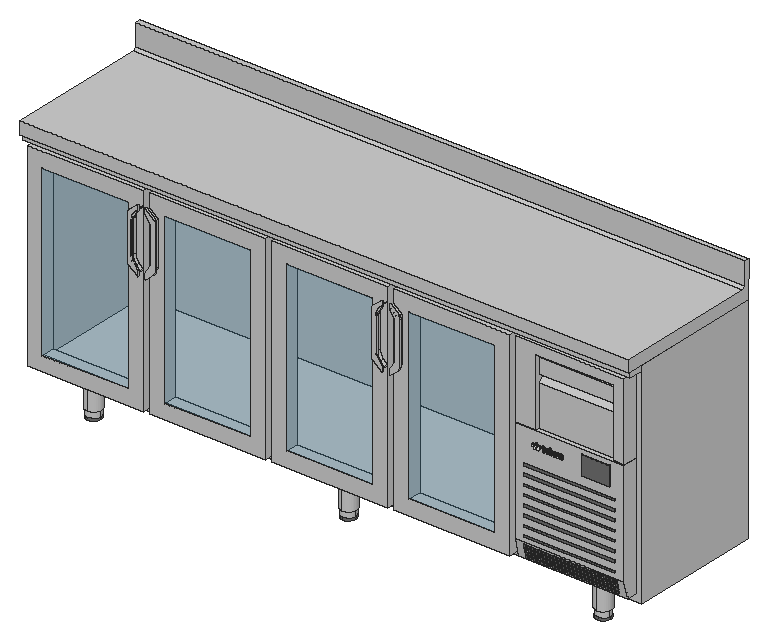
Revit family "QF_INFRICO_FMPP2500CR_250812010115", category Specialty Equipment, Revit 2021 (continued)
Definition of nested family "QF_INFRICO_FMPPCR_DOOR_SX_7315"
  Parameters (values of type "PUE17IIFM")
    Assembly Code = "E1090320"
    Accessory [instance] = yes
  Types (2, lengths in mm): name | Model | Description
    FMPPCR_DOOR_SX | "FMPPCR_DOOR_SX" | "LEFT DOOR"
    PUE17IIFM | "PUE17IIFM" | "GLASS DOORS UNIT - LEFT DOOR"
  Reference planes
    plane 1 "Back": y = 0
    plane 2: z = 0
    plane 3 "Left": x = 0
    plane 4 "Right": x = 467
    plane 5 "Front": y = -54
    plane 6 "Top": z = 797
  Forms (mm)
    Extrusion 1, solid
      sketch origin (981.03, 638.058, 31.708) x (-1, 0, 0) y (0, 0, -1)
        loop
          line (518.816, -723.04) -> (552.274, -694.965)
          arc (552.274, -694.965) -> (556.597, -689.332) -> (558.134, -682.399) r 16.404
          line (558.134, -682.399) -> (558.134, -507.408)
          arc (558.134, -507.408) -> (556.597, -500.476) -> (552.274, -494.842) r 16.404
          line (552.274, -494.842) -> (518.816, -466.767) -> (515.53, -466.767) -> (515.53, -486.767) -> (535.322, -518.029)
          arc (535.322, -518.029) -> (536.599, -520.779) -> (537.13, -523.765) r 11.743
          line (537.13, -523.765) -> (537.13, -666.043)
          arc (537.13, -666.043) -> (536.599, -669.028) -> (535.322, -671.778) r 11.743
          line (535.322, -671.778) -> (515.53, -703.04) -> (515.53, -723.04) -> (518.816, -723.04)
      from 713.68 to 715.78
    Extrusion 2, solid
      sketch origin (-21.902, 638.058, 31.708) x (1, 0, 0) y (0, 0, 1)
        loop
          arc (471.131, 498.425) -> (461.192, 513.299) -> (457.702, 530.845) r 45.85
          line (457.702, 530.845) -> (457.702, 659.546)
          arc (457.702, 659.546) -> (461.192, 677.092) -> (471.131, 691.967) r 45.85
          line (471.131, 691.967) -> (487.402, 708.237) -> (487.402, 711.202) -> (457.988, 686.521)
          arc (457.988, 686.521) -> (456.67, 684.804) -> (456.202, 682.691) r 5
          line (456.202, 682.691) -> (456.202, 507.7)
          arc (456.202, 507.7) -> (456.67, 505.587) -> (457.988, 503.87) r 5
          line (457.988, 503.87) -> (487.402, 479.189) -> (487.402, 482.154) -> (471.131, 498.425)
      from 692.058 to 713.68
    Extrusion 3, solid
      sketch origin (-21.902, 638.058, -168.292) x (0, 1, 0) y (0, 0, 1)
        loop
          line (-692.058, 905.292) -> (-692.058, 228.292) -> (-688.07, 228.292) -> (-688.07, 905.292) -> (-692.058, 905.292)
      from 81.902 to 428.902
    Extrusion 4, solid
      sketch origin (-21.902, 0, -168.292) x (1, 0, 0) y (0, 0, 1)
        loop
          line (21.902, 965.292) -> (21.902, 168.292) -> (488.902, 168.292) -> (488.902, 965.292) -> (21.902, 965.292)
        loop
          line (81.902, 905.292) -> (81.902, 228.292) -> (428.902, 228.292) -> (428.902, 905.292) -> (81.902, 905.292)
      from 0 to 54
    Extrusion 5, solid, visible <- "Show Clearance", detail levels coarse
      sketch origin (0, 0, 0) x (1, 0, 0) y (0, 1, 0)
        loop
          line (0, -54) -> (0, -467) -> (54, -467)
          arc (54, -467) -> (346.035, -346.035) -> (467, -54) r 413
          line (467, -54) -> (0, -54)
      from 0 to 797
  Lines and regions (mm)
    symbolic lines, visible <- "Show Clearance"
      curve 1: line (0, -61.9, 0) -> (0, -467, 0)
      curve 2: line (0, -467, 0) -> (54, -467, 0)
      curve 3: arc (54, -467, 0) -> (343.229, -348.815, 0) -> (466.924, -61.9, 0) r 413
  Dimensions and locks
    plane 4 "Right" to plane 3 "Left" = 467 mm
    plane 6 "Top" to level = 797 mm
    plane 1 "Back" to plane 5 "Front" = 54 mm  (x2)
    plane 3 "Left" to plane 4 "Right" = 467 mm
    aligned and locked: level to plane 2
Definition of nested family "QF_INFRICO_WORKTOP_BACKSPLASH_8123"
  Parameters (values of type "ENC12CPMC10")
    Weight [instance] = 0.00 kg
    Warranty Start Date [instance] = ""
    Warranty Duration [instance] = ""
    URL Cutsheet [instance] = ""
    URL = "www.infrico.com"
    Technical Documentation [instance] = ""
    Tag Number [instance] = ""
    Status [instance] = ""
    Specification by User [instance] = ""
    Specification by Manufacturer [instance] = ""
    Sound Level [instance] = ""
    Solid Fuel Type [instance] = ""
    Show Logo [instance] = yes
    Show Clearances [instance] = yes
    Show Clearance [instance] = yes
    Service Life Duration [instance] = ""
    Serial Number [instance] = ""
    Seismic Rating [instance] = ""
    SMACNA No [instance] = ""
    Revision Code [instance] = ""
    Revision [instance] = ""
    Production Year [instance] = ""
    Point Load [instance] = 0
    Other Equipment Approvals [instance] = ""
    NAFEM Spec ID Number [instance] = ""
    Model Warning [instance] = ""
    Model = "ENC12CPGN19"
    Masterspec [instance] = ""
    Manufacturer = "INFRICO"
    Length Actual [instance] = 0 mm
    Length = 1000 mm
    Item Number [instance] = ""
    Installed By [instance] = ""
    Installation Date [instance] = ""
    Identify Quantity as Lot [instance] = yes
    ID [instance] = ""
    Hygiene Approval [instance] = ""
    Height Actual [instance] = 0 mm
    Furnished By [instance] = ""
    Foodservice Equipment Identifier [instance] = yes
    ETL Approved [instance] = yes
    Description = "WORKTOP WITH BACKSPLASH"
    Depth Actual [instance] = 0 mm
    Depth = 600 mm
    Default Elevation = 0 mm
    CSI MasterFormat [instance] = ""
    CE Approved [instance] = yes
    Barcode [instance] = ""
    Author [instance] = ""
    Asset Identifier [instance] = ""
    Assembly Code = "E1090320"
    Accessory [instance] = yes
  Types (30, lengths in mm): name | Model | Length | Description | Depth
    ENC12CPGN19 | "ENC12CPGN19" | 1960 | "WORKTOP WITH BACKSPLASH" | 700
    ENC12CPGN14 | "ENC12CPGN14" | 1468 | "WORKTOP WITH BACKSPLASH" | 700
    ENC12CPGN24 | "ENC12CPGN24" | 2452 | "WORKTOP WITH BACKSPLASH" | 700
    ENC12CPGN14R | "ENC12CPGN14R" | 1160 | "WORKTOP WITH BACKSPLASH" | 700
    ENC12CPGN19R | "ENC12CPGN19R" | 1652 | "WORKTOP WITH BACKSPLASH" | 700
    ENC12CPGN24R | "ENC12CPGN24R" | 2144 | "WORKTOP WITH BACKSPLASH" | 700
    ENC12CPBM20 | "ENC12CPBM20" | 1960 | "WORKTOP WITH BACKSPLASH" | 600
    ENC12CPBM15 | "ENC12CPBM15" | 1468 | "WORKTOP WITH BACKSPLASH" | 600
    ENC12CPBM25 | "ENC12CPBM25" | 2452 | "WORKTOP WITH BACKSPLASH" | 600
    ENC12CPBM15R | "ENC12CPBM15R" | 1160 | "WORKTOP WITH BACKSPLASH" | 600
    ENC12CPBM20R | "ENC12CPBM20R" | 1652 | "WORKTOP WITH BACKSPLASH" | 600
    ENC12CPBM25R | "ENC12CPBM25R" | 2144 | "WORKTOP WITH BACKSPLASH" | 600
    ENC12CPME10 | "ENC12CPME10" | 978 | "WORKTOP WITH BACKSPLASH" | 700
    ENC12CPME14 | "ENC12CPME14" | 1460 | "WORKTOP WITH BACKSPLASH" | 700
    ENC12CPMC8 | "ENC12CPGN19" | 820 | "WORKTOP WITH BACKSPLASH" | 600
    ENC12CPMC10 | "ENC12CPGN19" | 1000 | "WORKTOP WITH BACKSPLASH" | 600
    ENC12CPMC15 | "ENC12CPGN19" | 1468 | "WORKTOP WITH BACKSPLASH" | 600
    BKSP10_30 | "BKSP10_30" | 1000 | "WORKTOP WITH BACKSPLASH 1000_300" | 300
    BKSP15_60 | "BKSP15_60" | 1468 | "WORKTOP WITH BACKSPLASH 1500_600" | 600
    BKSP15_30 | "BKSP15_30" | 1468 | "WORKTOP WITH BACKSPLASH 1500_300" | 300
    BKSP20_30 | "BKSP20_30" | 1960 | "WORKTOP WITH BACKSPLASH 2000_300" | 300
    BKSP20_60 | "BKSP20_60" | 1960 | "WORKTOP WITH BACKSPLASH 2000_600" | 600
    BKSP10_60 | "BKSP10_60" | 1000 | "WORKTOP WITH BACKSPLASH 1000_600" | 600
    BKSP10_70_MT | "BKSP10_70_MT" | 1000 | "WORKTOP WITH BACKSPLASH 1000_700" | 700
    BKSP15_60_MT | "BKSP15_60_MT" | 1500 | "WORKTOP WITH BACKSPLASH 1500_600" | 600
    BKSP15_70_MT | "BKSP15_70_MT" | 1500 | "WORKTOP WITH BACKSPLASH 1500_700" | 700
    BKSP20_60_MT | "BKSP20_60_MT" | 2000 | "WORKTOP WITH BACKSPLASH 2000_600" | 600
    BKSP20_70_MT | "BKSP20_70_MT" | 2000 | "WORKTOP WITH BACKSPLASH 2000_700" | 700
    BKSP25_30 | "BKSP25_30" | 2452 | "WORKTOP WITH BACKSPLASH 2500_300" | 300
    BKSP25_60 | "BKSP25_60" | 2452 | "WORKTOP WITH BACKSPLASH 2500_600" | 600
  Reference planes
    plane 1 "Back": y = 0
    plane 2: z = 0
    plane 3 "Left": x = 0
    plane 4 "Right": x = 1000
    plane 5 "Front": y = -600
    plane 6 "Top": z = 150.03
  Forms (mm)
    Extrusion 1, solid
      sketch origin (0, 0, -660) x (0, 1, 0) y (0, 0, 1)
        loop
          line (0, 660) -> (0, 810.03) -> (-20, 810.03) -> (-20, 720.071) -> (-30.071, 710) -> (-600, 710) -> (-600, 660) -> (0, 660)
      from 0 to 1000
  Lines and regions (mm)
    symbolic lines
      curve 1: line (0, -600, 0) -> (1000, -600, 0)
      curve 2: line (0, 0, 0) -> (0, -600, 0)
      curve 3: line (1000, -600, 0) -> (1000, 0, 0)
      curve 4: line (1000, 0, 0) -> (0, 0, 0)
      curve 5: line (0, -20, 0) -> (1000, -20, 0)
  Dimensions and locks
    plane 6 "Top" to level = 150.03 mm
    plane 4 "Right" to plane 3 "Left" = 1000 mm
    "Length": plane 3 "Left" to plane 4 "Right"
    "Depth": plane 5 "Front" to plane 1 "Back"
    aligned and locked: level to plane 2
    aligned and locked: Extrusion 1 to plane 4 "Right"
  Automatic sketch dimensions
    curve 1 to plane 3 "Left" = 0 mm
    plane 1 "Back" to curve 4 = 0 mm
    curve 4 to plane 4 "Right" = 0 mm
    curve 1 to plane 5 "Front" = 0 mm
    plane 1 "Back" to curve 5 = 20 mm
    Extrusion 1 sketch curve to level = 0 mm
    Extrusion 1 sketch curve to plane 5 "Front" = 0 mm
    Extrusion 1 sketch curve to plane 6 "Top" = 0 mm
    Extrusion 1 sketch curve to plane 1 "Back" = 0 mm
    plane 1 "Back" to Extrusion 1 sketch curve = 30.071 mm
    Extrusion 1 sketch curve to Extrusion 1 sketch curve = 10.071 mm  (x2)
    level to Extrusion 1 sketch curve = 50 mm
Definition of nested family "QF_INFRICO_LEGS_8959"
  Parameters (values of type "LEGS_2190_740")
    Weight [instance] = 0.00 kg
    Warranty Start Date [instance] = ""
    Warranty Duration [instance] = ""
    URL Cutsheet [instance] = ""
    URL = "www.infrico.com"
    Technical Documentation [instance] = ""
    Tag Number [instance] = ""
    Status [instance] = ""
    Specification by User [instance] = ""
    Specification by Manufacturer [instance] = ""
    Sound Level [instance] = ""
    Solid Fuel Type [instance] = ""
    Show Logo [instance] = yes
    Show Clearances [instance] = yes
    Show Clearance [instance] = yes
    Service Life Duration [instance] = ""
    Serial Number [instance] = ""
    Seismic Rating [instance] = ""
    SMACNA No [instance] = ""
    Revision Code [instance] = ""
    Revision [instance] = ""
    Production Year [instance] = ""
    Point Load [instance] = 0
    Other Equipment Approvals [instance] = ""
    NAFEM Spec ID Number [instance] = ""
    Model Warning [instance] = ""
    Model = "LEGS_2190_740"
    Masterspec [instance] = ""
    Manufacturer = "INFRICO"
    Length Actual [instance] = 0 mm
    Length = 2185 mm
    Item Number [instance] = ""
    Installed By [instance] = ""
    Installation Date [instance] = ""
    Identify Quantity as Lot [instance] = yes
    ID [instance] = ""
    Hygiene Approval [instance] = ""
    Height Actual [instance] = 0 mm
    Height = 140 mm
    Furnished By [instance] = ""
    Foodservice Equipment Identifier [instance] = yes
    ETL Approved [instance] = yes
    Description = "LEGS"
    Depth Actual [instance] = 0 mm
    Depth = 738 mm
    Default Elevation = 0 mm
    CentralLegs = if(or(Length > 2200 mm, Length = 2144 mm), 2 > 1, 2 < 1)  # no
    CSI MasterFormat [instance] = ""
    CE Approved [instance] = yes
    Barcode [instance] = ""
    Author [instance] = ""
    Asset Identifier [instance] = ""
    Assembly Code = "E1090320"
    Accessory [instance] = yes
  Types (29, lengths in mm): name | Model | Length | Height | Depth | CentralLegs
    LEGS_1960_700 | "LEGS_1960_700" | 1960 | 140 | 700 | no
    LEGS_1470_700 | "LEGS_1470_700" | 1468 | 140 | 700 | no
    LEGS_2450_700 | "LEGS_2450_700" | 2452 | 140 | 700 | yes
    LEGS_1470_600 | "LEGS_1470_600" | 1468 | 140 | 600 | no
    LEGS_1960_600 | "LEGS_1960_600" | 1960 | 140 | 600 | no
    LEGS_2450_600 | "LEGS_2450_600" | 2452 | 140 | 600 | yes
    LEGS_1610_800 | "LEGS_1610_800" | 1618 | 140 | 800 | no
    LEGS_2190_800 | "LEGS_2190_800" | 2185 | 140 | 800 | no
    LEGS_2750_800 | "LEGS_2750_800" | 2752 | 140 | 800 | yes
    LEGS_1160_700 | "LEGS_1160_700" | 1160 | 140 | 700 | no
    LEGS_1650_700 | "LEGS_1650_700" | 1652 | 140 | 700 | no
    LEGS_2140_700 | "LEGS_2140_700" | 2144 | 140 | 700 | yes
    LEGS_1960_640 | "LEGS_1960_640" | 1960 | 140 | 638 | no
    LEGS_1470_640 | "LEGS_1470_640" | 1468 | 140 | 638 | no
    LEGS_1160_600 | "LEGS_1160_600" | 1160 | 140 | 600 | no
    LEGS_1650_600 | "LEGS_1650_600" | 1652 | 140 | 600 | no
    LEGS_1310_800 | "LEGS_1310_800" | 1310 | 140 | 800 | no
    LEGS_1890_800 | "LEGS_1890_800" | 1877 | 140 | 800 | no
    LEGS_2440_800 | "LEGS_2440_800" | 2444 | 140 | 800 | yes
    LEGS_1610_740 | "LEGS_1610_740" | 1618 | 140 | 738 | no
    LEGS_2190_740 | "LEGS_2190_740" | 2185 | 140 | 738 | no
    LEGS_2140_600 | "LEGS_2140_600" | 2144 | 140 | 600 | yes
    LEGS_980_800 | "LEGS_980_800" | 980 | 150 | 800 | no
    LEGS_1470_800 | "LEGS_1470_800" | 1468 | 150 | 800 | no
    LEGS_1740_800 | "LEGS_1740_800" | 1738 | 140 | 800 | no
    LEGS_2300_800 | "LEGS_2300_800" | 2305 | 140 | 800 | yes
    LEGS_1690_800 | "LEGS_1690_800" | 1693 | 140 | 800 | no
    LEGS_2260_800 | "LEGS_2260_800" | 2260 | 140 | 800 | yes
    LEGS_1460_700 | "LEGS_1460_700" | 1460 | 140 | 700 | no
  Reference planes
    plane 1 "Back": y = 0
    plane 2: z = 0
    plane 3 "Left": x = 0
    plane 4 "Right": x = 2185
    plane 5 "Front": y = -738
    plane 6 "Top": z = 140
    plane 7 "Central": x = 1092.5
  Forms (mm)
    Extrusion 1, solid
      sketch origin (0, 0, 140) x (0, 1, 0) y (-1, 0, 0)
        loop
          line (-568, -154.986) -> (-668, -154.986) -> (-668, -244.986) -> (-568, -244.986) -> (-568, -154.986)
      from 0 to -3
    Extrusion 2, solid
      sketch origin (0, 0, 0) x (1, 0, 0) y (0, 1, 0)
        loop
          circle (199.986, -618) r 28
      from 9 to 35
    Extrusion 3, solid
      sketch origin (0, 0, 0) x (1, 0, 0) y (0, 1, 0)
        loop
          circle (199.986, -618) r 28.5
      from 0 to 9
    Sweep 4, solid
      path origin (0, 0, 0) x (0, 1, 0) y (0, 0, 1)
        loop
          line (-618, 35) -> (-618, 137)
      profile origin (0, -618, 86) x (0, -1, 0) y (1, 0, 0)
        loop
          circle (0, 199.986) r 32
    Extrusion 5, solid
      sketch origin (0, 500, 140) x (0, 1, 0) y (-1, 0, 0)
        loop
          line (-530, -154.986) -> (-630, -154.986) -> (-630, -244.986) -> (-530, -244.986) -> (-530, -154.986)
      from 0 to -3
    Extrusion 6, solid
      sketch origin (0, 500, 0) x (1, 0, 0) y (0, 1, 0)
        loop
          circle (199.986, -580) r 28
      from 9 to 35
    Extrusion 7, solid
      sketch origin (0, 500, 0) x (1, 0, 0) y (0, 1, 0)
        loop
          circle (199.986, -580) r 28.5
      from 0 to 9
    Sweep 8, solid
      path origin (0, 500, 0) x (0, 1, 0) y (0, 0, 1)
        loop
          line (-580, 35) -> (-580, 137)
      profile origin (0, -80, 86) x (0, -1, 0) y (1, 0, 0)
        loop
          circle (0, 199.986) r 32
    Extrusion 9, solid
      sketch origin (1560, 0, 140) x (0, 1, 0) y (-1, 0, 0)
        loop
          line (-568, -379.986) -> (-668, -379.986) -> (-668, -469.986) -> (-568, -469.986) -> (-568, -379.986)
      from 0 to -3
    Extrusion 10, solid
      sketch origin (1560, 0, 0) x (1, 0, 0) y (0, 1, 0)
        loop
          circle (424.986, -618) r 28
      from 9 to 35
    Extrusion 11, solid
      sketch origin (1560, 0, 0) x (1, 0, 0) y (0, 1, 0)
        loop
          circle (424.986, -618) r 28.5
      from 0 to 9
    Sweep 12, solid
      path origin (2185, 0, 0) x (0, -1, 0) y (0, 0, 1)
        loop
          line (618, 35) -> (618, 137)
      profile origin (2185, -618, 86) x (0, 1, 0) y (-1, 0, 0)
        loop
          circle (0, 199.986) r 32
    Extrusion 13, solid
      sketch origin (1560, 500, 140) x (0, 1, 0) y (-1, 0, 0)
        loop
          line (-530, -379.986) -> (-630, -379.986) -> (-630, -469.986) -> (-530, -469.986) -> (-530, -379.986)
      from 0 to -3
    Extrusion 14, solid
      sketch origin (1560, 500, 0) x (1, 0, 0) y (0, 1, 0)
        loop
          circle (424.986, -580) r 28
      from 9 to 35
    Extrusion 15, solid
      sketch origin (1560, 500, 0) x (1, 0, 0) y (0, 1, 0)
        loop
          circle (424.986, -580) r 28.5
      from 0 to 9
    Sweep 16, solid
      path origin (2185, 0, 0) x (0, -1, 0) y (0, 0, 1)
        loop
          line (80, 35) -> (80, 137)
      profile origin (2185, -80, 86) x (0, 1, 0) y (-1, 0, 0)
        loop
          circle (0, 199.986) r 32
    Extrusion 17, solid, visible <- "CentralLegs"
      sketch origin (534.014, 0, 140) x (0, 1, 0) y (-1, 0, 0)
        loop
          line (-568, -513.486) -> (-668, -513.486) -> (-668, -603.486) -> (-568, -603.486) -> (-568, -513.486)
      from 0 to -3
    Extrusion 18, solid, visible <- "CentralLegs"
      sketch origin (534.014, 0, 0) x (1, 0, 0) y (0, 1, 0)
        loop
          circle (558.486, -618) r 28
      from 9 to 35
    Extrusion 19, solid, visible <- "CentralLegs"
      sketch origin (534.014, 0, 0) x (1, 0, 0) y (0, 1, 0)
        loop
          circle (558.486, -618) r 28.5
      from 0 to 9
    Sweep 20, solid, visible <- "CentralLegs"
      path origin (1092.5, 0, 0) x (0, -1, 0) y (0, 0, 1)
        loop
          line (618, 35) -> (618, 137)
      profile origin (1092.5, -618, 86) x (0, 1, 0) y (-1, 0, 0)
        loop
          circle (0, -0.014) r 32
    Extrusion 21, solid, visible <- "CentralLegs"
      sketch origin (534.014, 500, 140) x (0, 1, 0) y (-1, 0, 0)
        loop
          line (-530, -513.486) -> (-630, -513.486) -> (-630, -603.486) -> (-530, -603.486) -> (-530, -513.486)
      from 0 to -3
    Extrusion 22, solid, visible <- "CentralLegs"
      sketch origin (534.014, 500, 0) x (1, 0, 0) y (0, 1, 0)
        loop
          circle (558.486, -580) r 28
      from 9 to 35
    Extrusion 23, solid, visible <- "CentralLegs"
      sketch origin (534.014, 500, 0) x (1, 0, 0) y (0, 1, 0)
        loop
          circle (558.486, -580) r 28.5
      from 0 to 9
    Sweep 24, solid, visible <- "CentralLegs"
      path origin (1092.5, 0, 0) x (0, -1, 0) y (0, 0, 1)
        loop
          line (80, 35) -> (80, 137)
      profile origin (1092.5, -80, 86) x (0, 1, 0) y (-1, 0, 0)
        loop
          circle (0, -0.014) r 32
  Dimensions and locks
    "Length": plane 3 "Left" to plane 4 "Right"
    "Depth": plane 1 "Back" to plane 5 "Front"
    "Height": plane 6 "Top" to plane 2
    equal spacing: plane 3 "Left", plane 7 "Central", plane 4 "Right"
    locked: Sweep 20 sketch curve to profile plane at 0.014
    locked: Sweep 24 sketch curve to profile plane at 0.014
    aligned and locked: level to plane 2
  Automatic sketch dimensions
    plane 5 "Front" to Extrusion 1 sketch curve = 70 mm
    Extrusion 1 sketch curve to Extrusion 1 sketch curve = 100 mm
    plane 3 "Left" to Extrusion 1 sketch curve = 244.986 mm
    Extrusion 1 sketch curve to Extrusion 1 sketch curve = 90 mm
    plane 3 "Left" to Extrusion 2 sketch curve = 199.986 mm
    plane 5 "Front" to Extrusion 2 sketch curve = 120 mm
    plane 3 "Left" to Extrusion 3 sketch curve = 199.986 mm
    plane 5 "Front" to Extrusion 3 sketch curve = 120 mm
    Sweep 4 sketch curve to plane 6 "Top" = 3 mm
    plane 5 "Front" to Sweep 4 sketch curve = 120 mm
    level to Sweep 4 sketch curve = 35 mm
    Sweep 4 sketch curve to profile plane = 0 mm
    plane 3 "Left" to Sweep 4 sketch curve = 199.986 mm
    plane 1 "Back" to Extrusion 5 sketch curve = 130 mm
    plane 1 "Back" to Extrusion 5 sketch curve = 30 mm
    plane 3 "Left" to Extrusion 5 sketch curve = 244.986 mm
    Extrusion 5 sketch curve to Extrusion 5 sketch curve = 90 mm
    plane 1 "Back" to Extrusion 6 sketch curve = 80 mm
    plane 3 "Left" to Extrusion 6 sketch curve = 199.986 mm
    plane 1 "Back" to Extrusion 7 sketch curve = 80 mm
    plane 3 "Left" to Extrusion 7 sketch curve = 199.986 mm
    Sweep 8 sketch curve to plane 6 "Top" = 3 mm
    plane 1 "Back" to Sweep 8 sketch curve = 80 mm
    level to Sweep 8 sketch curve = 35 mm
    Sweep 8 sketch curve to profile plane = 0 mm
    plane 3 "Left" to Sweep 8 sketch curve = 199.986 mm
    plane 5 "Front" to Extrusion 9 sketch curve = 70 mm
    Extrusion 9 sketch curve to Extrusion 9 sketch curve = 100 mm
    plane 4 "Right" to Extrusion 9 sketch curve = 155.014 mm
    Extrusion 9 sketch curve to Extrusion 9 sketch curve = 90 mm
    plane 4 "Right" to Extrusion 10 sketch curve = 200.014 mm
    plane 5 "Front" to Extrusion 10 sketch curve = 120 mm
    plane 4 "Right" to Extrusion 11 sketch curve = 200.014 mm
    plane 5 "Front" to Extrusion 11 sketch curve = 120 mm
    Sweep 12 sketch curve to profile plane = 0 mm
    profile plane to Sweep 12 sketch curve = 199.986 mm
    plane 1 "Back" to Extrusion 13 sketch curve = 130 mm
    plane 1 "Back" to Extrusion 13 sketch curve = 30 mm
    plane 4 "Right" to Extrusion 13 sketch curve = 155.014 mm
    Extrusion 13 sketch curve to Extrusion 13 sketch curve = 90 mm
    plane 1 "Back" to Extrusion 14 sketch curve = 80 mm
    plane 4 "Right" to Extrusion 14 sketch curve = 200.014 mm
    plane 1 "Back" to Extrusion 15 sketch curve = 80 mm
    plane 4 "Right" to Extrusion 15 sketch curve = 200.014 mm
    Sweep 16 sketch curve to profile plane = 0 mm
    profile plane to Sweep 16 sketch curve = 199.986 mm
    plane 5 "Front" to Extrusion 17 sketch curve = 70 mm
    Extrusion 17 sketch curve to plane 7 "Central" = 45 mm
    Extrusion 17 sketch curve to Extrusion 17 sketch curve = 100 mm
    plane 7 "Central" to Extrusion 17 sketch curve = 45 mm
    Extrusion 18 sketch curve to plane 7 "Central" = 0 mm
    plane 5 "Front" to Extrusion 18 sketch curve = 120 mm
    Extrusion 19 sketch curve to plane 7 "Central" = 0 mm
    plane 5 "Front" to Extrusion 19 sketch curve = 120 mm
    Sweep 20 sketch curve to profile plane = 0 mm
    plane 7 "Central" to Extrusion 21 sketch curve = 45 mm
    plane 1 "Back" to Extrusion 21 sketch curve = 130 mm
    plane 1 "Back" to Extrusion 21 sketch curve = 30 mm
    Extrusion 21 sketch curve to plane 7 "Central" = 45 mm
    Extrusion 22 sketch curve to plane 7 "Central" = 0 mm
    plane 1 "Back" to Extrusion 22 sketch curve = 80 mm
    Extrusion 23 sketch curve to plane 7 "Central" = 0 mm
    plane 1 "Back" to Extrusion 23 sketch curve = 80 mm
    Sweep 24 sketch curve to profile plane = 0 mm
    Sweep 16 sketch curve to plane 6 "Top" = 3 mm
    plane 1 "Back" to Sweep 16 sketch curve = 80 mm
    level to Sweep 16 sketch curve = 35 mm
    Sweep 12 sketch curve to plane 6 "Top" = 3 mm
    plane 5 "Front" to Sweep 12 sketch curve = 120 mm
    level to Sweep 12 sketch curve = 35 mm
    Sweep 20 sketch curve to plane 6 "Top" = 3 mm
    plane 5 "Front" to Sweep 20 sketch curve = 120 mm
    level to Sweep 20 sketch curve = 35 mm
    Sweep 24 sketch curve to plane 6 "Top" = 3 mm
    plane 1 "Back" to Sweep 24 sketch curve = 80 mm
    level to Sweep 24 sketch curve = 35 mm
    radius of Extrusion 2 sketch curve = 28 mm
    radius of Extrusion 3 sketch curve = 28.5 mm
    radius of Sweep 4 sketch curve = 32 mm
    radius of Extrusion 6 sketch curve = 28 mm
    radius of Extrusion 7 sketch curve = 28.5 mm
    radius of Sweep 8 sketch curve = 32 mm
    radius of Extrusion 10 sketch curve = 28 mm
    radius of Extrusion 11 sketch curve = 28.5 mm
    radius of Sweep 12 sketch curve = 32 mm
    radius of Extrusion 14 sketch curve = 28 mm
    radius of Extrusion 15 sketch curve = 28.5 mm
    radius of Sweep 16 sketch curve = 32 mm
    radius of Extrusion 18 sketch curve = 28 mm
    radius of Extrusion 19 sketch curve = 28.5 mm
    radius of Sweep 20 sketch curve = 32 mm
    radius of Extrusion 22 sketch curve = 28 mm
    radius of Extrusion 23 sketch curve = 28.5 mm
    radius of Sweep 24 sketch curve = 32 mm
Definition of nested family "CONN_POINT_DRAIN_2D___Generic_Annotation"
  Parameters (values of type "CONN_POINT_DRAIN_2D___Generic_Annotation")
    Onboard connection annotation symbol visibility [instance] = yes
  Reference planes
    plane 1: y = 0
    plane 2: x = 0
  Lines and regions (mm)
    detail lines, visible <- "Onboard connection annotation symbol visibility"
      curve 1: circle (0, 0, 0) r 0.5 normal (0, 0, 1)
      curve 2: line (-1, 0, 0) -> (1, 0, 0)
      curve 3: line (0, 1, 0) -> (0, -1, 0)
      curve 4: line (1.776, 1, 0) -> (1.25, 1, 0)
      curve 5: line (1.25, 1, 0) -> (1.25, -1, 0)
      curve 6: line (1.25, -1, 0) -> (1.776, -1, 0)
      curve 7: arc (2.206, -0.862, 0) -> (2.459, -0.589, 0) -> (2.583, -0.238, 0) r 0.918
      curve 8: arc (2.583, 0.238, 0) -> (2.459, 0.589, 0) -> (2.206, 0.862, 0) r 0.918
      curve 9: arc (2.583, -0.238, 0) -> (2.599, 0, 0) -> (2.583, 0.238, 0) r 1.77
      curve 10: arc (2.206, 0.862, 0) -> (2.002, 0.965, 0) -> (1.776, 1, 0) r 0.741
      curve 11: arc (1.776, -1, 0) -> (2.002, -0.965, 0) -> (2.206, -0.862, 0) r 0.741
Definition of nested family "CONN_POINT_ELE_2D___Generic_Annotation"
  Parameters (values of type "CONN_POINT_ELE_2D___Generic_Annotation")
    Onboard connection annotation symbol visibility [instance] = yes
  Reference planes
    plane 1: y = 0
    plane 2: x = 0
  Lines and regions (mm)
    detail lines, visible <- "Onboard connection annotation symbol visibility"
      curve 1: circle (0, 0, 0) r 0.5 normal (0, 0, 1)
      curve 2: line (-1, 0, 0) -> (1, 0, 0)
      curve 3: line (0, 1, 0) -> (0, -1, 0)
      curve 4: line (2.5, 1, 0) -> (1.25, 1, 0)
      curve 5: line (1.25, 1, 0) -> (1.25, -1, 0)
      curve 6: line (1.25, -1, 0) -> (2.5, -1, 0)
      curve 7: line (1.25, 0, 0) -> (2, 0, 0)
